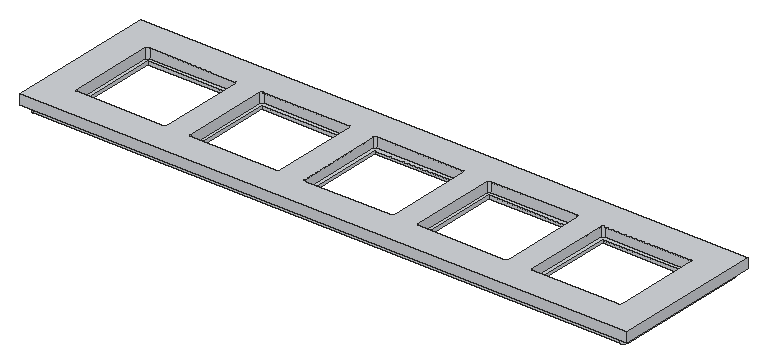
Revit family "Gira_021512", category Electrical Fixtures, host Face, Revit 2017
Family settings
  Host = Face
  Maintain Annotation Orientation = No
  Round Connector Dimension = Use Diameter
  Part Type = Normal
  Cut with Voids When Loaded = No
  Shared = No
  Room Calculation Point = No
Parameters (values of type "Cov.fr. 5-g Gira Esprit white gl.")
  With mounting grid = "No"
  With hinged lid = "No"
  URL = "http://katalog.gira.de/en/datenblatt.html?artikelnr=021512"
  Type of fastening = "Clamp mounting"
  Transparent = "No"
  Surface protection = "Other"
  Suitable for wall duct = "No"
  Suitable for flush-mounted installation = "Yes"
  Suitable for floor box = "No"
  Suitable for built-in installation = "No"
  Number of units vertical = "5"
  Number of units horizontal = "5"
  Number of units = "5"
  Name = "Cov.fr. 5-g Gira Esprit white gl."
  Mounting direction = "Horizontal and vertical"
  Material quality = "Real glass"
  Material = "Glass"
  Manufacturer URL = "https://www.gira.de/"
  Manufacturer = "Gira"
  Label space/information surface = "No"
  Keynote = ""
  HeinzeBIM = "https://bimportal.heinze.de/bim/cov-fr-5-g-gira-esprit-white-gl-/c3a5744fa3f30cc360c42b3fc27b30af44036c82"
  Halogen free = "No"
  HAN = "021512"
  GTIN = "4010337215127"
  Description = "Cov.fr.5g Espr. GWh,Gira Esprit cover frame,white glass,5-gang,"
  Degree of protection (IP) = "IP20"
  Default Elevation = 1219.2 mm
  Data sheet (1) = "https://katalog.gira.de/en/download.html?artikelnr=021512"
  Colour = "White"
  Category = "Cover frame for domestic switching devices"
  BIM (1) = "https://media.stage.bim.site/public/gira/36a6b08/Espr._Rahmen_5fach.rfa"
  Available = "No"
Reference planes
  plane 1 "Center (Front/Back)": y = 0
  plane 2: z = 0
  plane 3 "Center (Left/Right)": x = 0
Forms (mm)
  Extrusion 1, solid, detail levels fine
    sketch origin (0, 0, 0) x (1, 0, 0) y (0, 1, 0)
      loop
        line (-190.1, 47.5) -> (-190.1, -47.5) -> (190.1, -47.5) -> (190.1, 47.5) -> (-190.1, 47.5)
      loop
        arc (-170.9, -26.8) -> (-170.461, -27.861) -> (-169.4, -28.3) r 1.5
        line (-169.4, -28.3) -> (-115.8, -28.3)
        arc (-115.8, -28.3) -> (-114.739, -27.861) -> (-114.3, -26.8) r 1.5
        line (-114.3, -26.8) -> (-114.3, 26.8)
        arc (-114.3, 26.8) -> (-114.739, 27.861) -> (-115.8, 28.3) r 1.5
        line (-115.8, 28.3) -> (-169.4, 28.3)
        arc (-169.4, 28.3) -> (-170.461, 27.861) -> (-170.9, 26.8) r 1.5
        line (-170.9, 26.8) -> (-170.9, -26.8)
      loop
        arc (-99.6, -26.8) -> (-99.161, -27.861) -> (-98.1, -28.3) r 1.5
        line (-98.1, -28.3) -> (-44.5, -28.3)
        arc (-44.5, -28.3) -> (-43.439, -27.861) -> (-43, -26.8) r 1.5
        line (-43, -26.8) -> (-43, 26.8)
        arc (-43, 26.8) -> (-43.439, 27.861) -> (-44.5, 28.3) r 1.5
        line (-44.5, 28.3) -> (-98.1, 28.3)
        arc (-98.1, 28.3) -> (-99.161, 27.861) -> (-99.6, 26.8) r 1.5
        line (-99.6, 26.8) -> (-99.6, -26.8)
      loop
        arc (-28.3, -26.8) -> (-27.861, -27.861) -> (-26.8, -28.3) r 1.5
        line (-26.8, -28.3) -> (26.8, -28.3)
        arc (26.8, -28.3) -> (27.861, -27.861) -> (28.3, -26.8) r 1.5
        line (28.3, -26.8) -> (28.3, 26.8)
        arc (28.3, 26.8) -> (27.861, 27.861) -> (26.8, 28.3) r 1.5
        line (26.8, 28.3) -> (-26.8, 28.3)
        arc (-26.8, 28.3) -> (-27.861, 27.861) -> (-28.3, 26.8) r 1.5
        line (-28.3, 26.8) -> (-28.3, -26.8)
      loop
        arc (43, -26.8) -> (43.439, -27.861) -> (44.5, -28.3) r 1.5
        line (44.5, -28.3) -> (98.1, -28.3)
        arc (98.1, -28.3) -> (99.161, -27.861) -> (99.6, -26.8) r 1.5
        line (99.6, -26.8) -> (99.6, 26.8)
        arc (99.6, 26.8) -> (99.161, 27.861) -> (98.1, 28.3) r 1.5
        line (98.1, 28.3) -> (44.5, 28.3)
        arc (44.5, 28.3) -> (43.439, 27.861) -> (43, 26.8) r 1.5
        line (43, 26.8) -> (43, -26.8)
      loop
        arc (114.3, -26.8) -> (114.739, -27.861) -> (115.8, -28.3) r 1.5
        line (115.8, -28.3) -> (169.4, -28.3)
        arc (169.4, -28.3) -> (170.461, -27.861) -> (170.9, -26.8) r 1.5
        line (170.9, -26.8) -> (170.9, 26.8)
        arc (170.9, 26.8) -> (170.461, 27.861) -> (169.4, 28.3) r 1.5
        line (169.4, 28.3) -> (115.8, 28.3)
        arc (115.8, 28.3) -> (114.739, 27.861) -> (114.3, 26.8) r 1.5
        line (114.3, 26.8) -> (114.3, -26.8)
    from 0 to 6
  Extrusion 2, solid, detail levels fine
    sketch origin (0, 0, 0) x (1, 0, 0) y (0, 1, 0)
      loop
        line (-168.5, -25.7) -> (-116.7, -25.7) -> (-116.7, 25.7) -> (-168.5, 25.7) -> (-168.5, -25.7)
      loop
        line (25.9, 25.7) -> (-25.9, 25.7) -> (-25.9, -25.7) -> (25.9, -25.7) -> (25.9, 25.7)
      loop
        arc (-185.5, -41.4) -> (-184.973, -42.673) -> (-183.7, -43.2) r 1.8
        line (-183.7, -43.2) -> (183.7, -43.2)
        arc (183.7, -43.2) -> (184.973, -42.673) -> (185.5, -41.4) r 1.8
        line (185.5, -41.4) -> (185.5, 41.4)
        arc (185.5, 41.4) -> (184.973, 42.673) -> (183.7, 43.2) r 1.8
        line (183.7, 43.2) -> (-183.7, 43.2)
        arc (-183.7, 43.2) -> (-184.973, 42.673) -> (-185.5, 41.4) r 1.8
        line (-185.5, 41.4) -> (-185.5, -41.4)
      loop
        line (-45.4, 25.7) -> (-97.2, 25.7) -> (-97.2, -25.7) -> (-45.4, -25.7) -> (-45.4, 25.7)
      loop
        line (97.2, 25.7) -> (45.4, 25.7) -> (45.4, -25.7) -> (97.2, -25.7) -> (97.2, 25.7)
      loop
        line (168.5, 25.7) -> (116.7, 25.7) -> (116.7, -25.7) -> (168.5, -25.7) -> (168.5, 25.7)
    from -1.9 to 0
  Extrusion 3, solid, detail levels fine
    sketch origin (0, 0, 0) x (1, 0, 0) y (0, 1, 0)
      loop
        arc (-183.7, 44.4) -> (-185.821, 43.521) -> (-186.7, 41.4) r 3
        line (-186.7, 41.4) -> (-186.7, -41.4)
        arc (-186.7, -41.4) -> (-185.821, -43.521) -> (-183.7, -44.4) r 3
        line (-183.7, -44.4) -> (183.7, -44.4)
        arc (183.7, -44.4) -> (185.821, -43.521) -> (186.7, -41.4) r 3
        line (186.7, -41.4) -> (186.7, 41.4)
        arc (186.7, 41.4) -> (185.821, 43.521) -> (183.7, 44.4) r 3
        line (183.7, 44.4) -> (-183.7, 44.4)
      loop
        arc (-185.5, -41.4) -> (-184.973, -42.673) -> (-183.7, -43.2) r 1.8
        line (-183.7, -43.2) -> (183.7, -43.2)
        arc (183.7, -43.2) -> (184.973, -42.673) -> (185.5, -41.4) r 1.8
        line (185.5, -41.4) -> (185.5, 41.4)
        arc (185.5, 41.4) -> (184.973, 42.673) -> (183.7, 43.2) r 1.8
        line (183.7, 43.2) -> (-183.7, 43.2)
        arc (-183.7, 43.2) -> (-184.973, 42.673) -> (-185.5, 41.4) r 1.8
        line (-185.5, 41.4) -> (-185.5, -41.4)
    from -3.7 to 0
  Extrusion 4, solid, detail levels medium
    sketch origin (0, 0, 0) x (1, 0, 0) y (0, 1, 0)
      loop
        line (-190.1, 47.5) -> (-190.1, -47.5) -> (190.1, -47.5) -> (190.1, 47.5) -> (-190.1, 47.5)
    from 0 to 6
  Extrusion 5, solid, detail levels medium
    sketch origin (0, 0, 0) x (1, 0, 0) y (0, 1, 0)
      loop
        line (-190.1, 44.4) -> (-190.1, -44.4) -> (190.1, -44.4) -> (190.1, 44.4) -> (-190.1, 44.4)
    from -3.7 to 0
  Extrusion 6, solid, detail levels coarse
    sketch origin (0, 0, 0) x (1, 0, 0) y (0, 1, 0)
      loop
        line (-190.1, 47.5) -> (-190.1, -47.5) -> (190.1, -47.5) -> (190.1, 47.5) -> (-190.1, 47.5)
    from -3.7 to 6
Dimensions and locks
  aligned and locked: plane 2 to host face
  aligned and locked: level to host face
